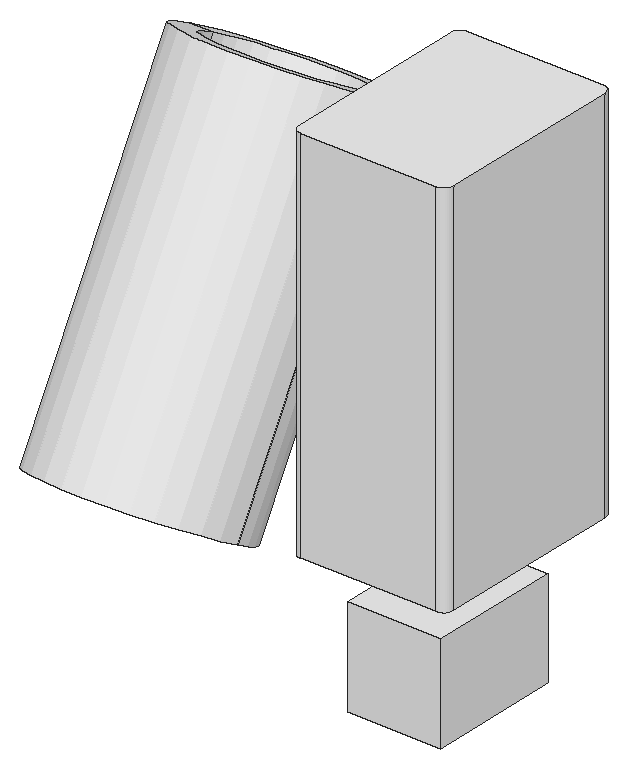
Revit family "AKTMNLED", category Lighting Fixtures, host Face, Revit 2014
Parameters (values of type "AKTMNLED-WH")
  zz Angle1 = if(Tilt Angle < 10.00°, 10.00°, if(Tilt Angle > 160.00°, 160.00°, Tilt Angle))  # 120.00°
  Wattage Comments = "14"
  Voltage = 120 V
  URL = "https://www.hubbell.com/prescolite/en"
  Total Input Wattage = 14 W
  Tilt Angle = 120.00°
  Power Factor = 1
  Load Classification = Lighting
  Lens = Hubbell-Glass
  Product Page URL = "https://www.hubbell.com/prescolite/en/Products/Lighting-Controls/Commercial-Indoor-Lighting/Track-Lighting-Systems/AKTMNLED/p/2057652"
  Product Documentation Link = "https://hubbellcdn.com/specsheet/atrk_050.pdf"
  Photometric Web [instance] = Web : AKTMNLED9L30K8XFL55BL
  Model = "AKTMNLED"  # constant formula
  Manufacturer = "Prescolite"  # constant formula
  Lamp = "LED"  # constant formula
  Fixture Color = Hubbell-Paint-White
  Description = "2 Inch LED Track Head"  # constant formula
  Default Elevation = 48.000"
  Contact us = "https://www.hubbell.com/prescolite/en/contactUs"
  Apparent Load = Total Input Wattage / Power Factor  # 14 VA
Types (2): name | Photometric Web | Fixture Color
  AKTMNLED-BL | Web : AKTMNLED9L30K8SP18BL | Hubbell-Paint-Black
  AKTMNLED-WH | Web : AKTMNLED9L30K8XFL55BL | Hubbell-Paint-White
Reference planes (in)
  plane 1 "Center (Front/Back)": y = 0
  plane 2: z = 0
  plane 3 "Center (Left/Right)": x = 0
  plane 4: z = 4
  plane 5: z = 0.2
  plane 6: z = 5.375
  plane 7: y = 1.0625
  plane 8: y = -1.0625
  plane 9: x = -2.125
  plane 10: x = 1.75
  plane 11: x = 0.24994
  plane 12: x = -0.125
  plane 13: z = 1.5
  plane 14: z = 1
  plane 15: y = 0.3125
  plane 16: y = -0.3125
  plane 17: x = 0.99997
  plane 18: x = 0.74997
  plane 19: x = 1.24997
  plane 20: y = 0.66082
  plane 21: y = -0.69429
  plane 22: x = 1.825
Forms (in)
  Extrusion 1, solid, material "Hubbell-Paint-White" <- "Fixture Color"
    sketch origin (0, 0, 0) x (0, 1, 0) y (0, 0, 1)
      loop
        circle (0, 4) r 0.25
    from -0.25 to 0.25
  Extrusion 2, solid, material "Hubbell-Paint-White" <- "Fixture Color"
    sketch origin (0, 0, 0) x (1, 0, 0) y (0, 1, 0)
      loop
        arc (0.34994, 1.0625) -> (0.27923, 1.03321) -> (0.24994, 0.9625) r 0.1
        line (0.24994, 0.9625) -> (0.24994, -0.9625)
        arc (0.24994, -0.9625) -> (0.27923, -1.03321) -> (0.34994, -1.0625) r 0.1
        line (0.34994, -1.0625) -> (1.725, -1.0625)
        arc (1.725, -1.0625) -> (1.79571, -1.03321) -> (1.825, -0.9625) r 0.1
        line (1.825, -0.9625) -> (1.825, 0.9625)
        arc (1.825, 0.9625) -> (1.79571, 1.03321) -> (1.725, 1.0625) r 0.1
        line (1.725, 1.0625) -> (0.34994, 1.0625)
    from 1.5 to 5.375
  Extrusion 3, solid, material "Hubbell-Paint-White" <- "Fixture Color"
    sketch origin (0, 0, 0) x (1, 0, 0) y (0, 1, 0)
      loop
        line (0.74997, 0.3125) -> (0.74997, -0.3125) -> (1.24997, -0.3125) -> (1.24997, 0.3125) -> (0.74997, 0.3125)
    from 1 to 1.5
  Extrusion 4, solid, material "Hubbell-Paint-White" <- "Fixture Color"
    sketch origin (0, 0, 0) x (1, 0, 0) y (0, 1, 0)
      loop
        line (0.52734, 0.66082) -> (0.52734, -0.69429) -> (1.48164, -0.69429) -> (1.48164, 0.66082) -> (0.52734, 0.66082)
    from 0 to 1
Cuts and joins
  joined: Extrusion 2, Extrusion 3, Extrusion 4
Lines and regions (in)
  reference lines
    curve 1: line (1.75, 0, 0) -> (2.55045, 0, 0)
Dimensions and locks (in)
  locked: plane 5 to plane 2 at 0.2
  locked: plane 4 to plane 2 at 4
  locked: plane 6 to plane 4 at 1.375
  equal spacing: plane 7, plane 1 "Center (Front/Back)", plane 8
  plane 7 to plane 8 = 2.125"
  locked: plane 8 to plane 1 "Center (Front/Back)" at 1.0625
  locked: plane 9 to plane 3 "Center (Left/Right)" at 2.125
  locked: plane 9 to plane 10 at 3.875
  locked: plane 11 to plane 10 at 1.50006
  locked: plane 9 to plane 12 at 2
  locked: plane 14 to plane 2 at 1
  locked: plane 7 to plane 15 at 0.75
  locked: plane 16 to plane 1 "Center (Front/Back)" at 0.3125
  equal spacing: plane 11, plane 17, plane 10, locked at 0.75003 each
  plane 18 to plane 17 to plane 19 = 0.250" locked, 0.250" locked
  plane 20 to plane 1 "Center (Front/Back)" to plane 21 = 0.66082" locked, 0.69429" locked
  locked: plane 10 to plane 22 at 0.075
  locked: plane 13 to plane 2 at 1.5
  "zz Angle1": angle plane 1 "Center (Front/Back)" to nested 1
  aligned and locked: plane 2 to host face
  aligned and locked: level to host face
  aligned and locked: plane 4 to nested 1
  aligned and locked: plane 1 "Center (Front/Back)" to nested 1
  aligned and locked: Extrusion 2 sketch curve to plane 7
  aligned and locked: Extrusion 2 sketch curve to plane 11
  aligned and locked: plane 8 to Extrusion 2 sketch curve
  aligned and locked: plane 6 to Extrusion 2
  aligned and locked: Extrusion 2 to plane 13
  aligned and locked: Extrusion 3 sketch curve to plane 15
  aligned and locked: Extrusion 3 sketch curve to plane 18
  aligned and locked: Extrusion 3 sketch curve to plane 16
  aligned and locked: plane 19 to Extrusion 3 sketch curve
  aligned and locked: Extrusion 3 to plane 14
  aligned and locked: Extrusion 3 to Extrusion 2
  aligned and locked: Extrusion 4 sketch curve to plane 20
  aligned and locked: plane 21 to Extrusion 4 sketch curve
  aligned and locked: Extrusion 4 to plane 2
  aligned and locked: plane 14 to Extrusion 4
  aligned and locked: nested 2 to nested 1
  aligned and locked: plane 22 to Extrusion 2 sketch curve
Automatic sketch dimensions
  host sketch curve to host sketch curve = 96.000"  (x2)
  plane 1 "Center (Front/Back)" to curve 1 = 0.000"
  plane 3 "Center (Left/Right)" to curve 1 = 1.750"
  curve 1 to curve 1 = 0.80045"
  Extrusion 1 sketch curve to Extrusion 1 sketch curve = 0.000"  (x2)
  Extrusion 1 sketch curve to plane 4 = 0.000"
  Extrusion 1 sketch curve to plane 1 "Center (Front/Back)" = 0.000"
  plane 1 "Center (Front/Back)" to Extrusion 1 sketch curve = 0.250"
  plane 18 to Extrusion 4 sketch curve = 0.22263"
  Extrusion 4 sketch curve to plane 19 = 0.23167"
  Extrusion 2 sketch curve to plane 11 = 0.100"  (x2)
  plane 10 to Extrusion 2 sketch curve = 0.025"  (x2)
Nested families (in)
  nested 1: "AKTMNLED Model" at (-0.00006, 0, 4) x (0, 0.866, -0.5) z (1, 0, 0), type "AKTMNLED Model"
  nested 2: "Web" at (-1.07557, 0.21805, 4.8556) x (0, -0.866, 0.5) z (0, 0.5, 0.866), type <- "Photometric Web", type "AKTMNLED9L30K8XFL55BL"
Connectors (in)
  electrical at (1.00449, -0.01673, 0), driven by "Voltage", driven by "Apparent Load", driven by "Load Classification", driven by "Power Factor"
    settings: on cut or joined group of Extrusion 2, Extrusion 3, Extrusion 4, index 1, voltage 120 V, apparent load 14 VA, apparent load phase1 0 VA, apparent load phase2 0 VA, apparent load phase3 0 VA, power factor 1, load classification "Lighting", number of poles 1, system type 30, power factor state 1, is connector primary yes, connector utility no, sub classification motor no, connector description "Lighting Connector"
Definition of nested family "AKTMNLED Model"
  Parameters (values of type "AKTMNLED Model")
    URL = ""
    Product Page URL = ""
    Product Documentation Link = ""
    Manufacturer Phone = ""
    Manufacturer Fax = ""
    Manufacturer = ""
    Lens = Hubbell-Glass
    Finish = Hubbell-Paint-White
  Reference planes (in)
    plane 1 "Center (Front/Back)": y = 0
    plane 2: z = 0
    plane 3 "Center (Left/Right)": x = 0
    plane 4: z = 0.25
    plane 5: z = -0.25
    plane 6: z = 0
    plane 7: through (0, 0, 48) normal (0.8192, 0.5736, 0)
    plane 8: y = 0
    plane 9: x = -1
    plane 10: z = -1.05
  Forms (in)
    Extrusion 1, solid, material "Hubbell-Paint-White" <- "Finish"
      sketch origin (0, 0, 0) x (1, 0, 0) y (0, 1, 0)
        loop
          circle (0, 0) r 0.25
      from -0.25 to 0.25
    Revolve 2, solid, material "Hubbell-Paint-White" <- "Finish"
      sketch origin (0, 0, 0) x (0, 1, 0) y (0, 0, -1)
        loop
          line (1, 2.05) -> (-2.75, 2.05) -> (-2.75, 1.05) -> (0, 1.05) -> (0, 1.8) -> (1, 1.8) -> (1, 2.05)
        axis (1, 1.05) -> (-2.75, 1.05)
      angle from 0 to 360
    Revolve 3, solid, material "Hubbell-Glass" <- "Lens"
      sketch origin (0, 0, 0) x (0, 1, 0) y (0, 0, 1)
        loop
          line (0.75, -0.3) -> (0.75, -1.05) -> (0.85, -1.05) -> (0.85, -0.3) -> (0.75, -0.3)
        axis (0.85, -1.05) -> (0.75, -1.05)
      angle from 0 to 360
  Cuts and joins
    joined: Extrusion 1, Revolve 2
  Lines and regions (in)
    reference lines
      curve 1: line (0, 0, 0) -> (0.87865, 0, 0)
      curve 2: line (0, 0, 0) -> (0, 0.29239, 0)
      curve 3: line (0, 1, -1.05) -> (0, -3.38266, -1.05)
    model lines
      curve 4: line (-1, -2.75, -1.05) -> (-1, -1.19133, -1.05)
      curve 5: line (-0.99211, -2.75, -0.92467) -> (-0.99211, -1.19133, -0.92467)
      curve 6: line (-0.96858, -2.75, -0.80131) -> (-0.96858, -1.19133, -0.80131)
      curve 7: line (-0.92978, -2.75, -0.68188) -> (-0.92978, -1.19133, -0.68188)
      curve 8: line (-0.87631, -2.75, -0.56825) -> (-0.87631, -1.19133, -0.56825)
      curve 9: line (-0.80902, -2.75, -0.46221) -> (-0.80902, -1.19133, -0.46221)
      curve 10: line (-0.72897, -2.75, -0.36545) -> (-0.72897, -1.19133, -0.36545)
      curve 11: line (-0.63742, -2.75, -0.27949) -> (-0.63742, -1.19133, -0.27949)
      curve 12: line (-0.53583, -2.75, -0.20567) -> (-0.53583, -1.19133, -0.20567)
      curve 13: line (-0.42578, -2.75, -0.14517) -> (-0.42578, -1.19133, -0.14517)
      curve 14: line (-0.30902, -2.75, -0.09894) -> (-0.30902, -1.19133, -0.09894)
      curve 15: line (-0.18738, -2.75, -0.06771) -> (-0.18738, -1.19133, -0.06771)
      curve 16: line (-0.06279, -2.75, -0.05197) -> (-0.06279, -1.19133, -0.05197)
      curve 17: line (0.06279, -2.75, -0.05197) -> (0.06279, -1.19133, -0.05197)
      curve 18: line (0.18738, -2.75, -0.06771) -> (0.18738, -1.19133, -0.06771)
      curve 19: line (0.30902, -2.75, -0.09894) -> (0.30902, -1.19133, -0.09894)
      curve 20: line (0.42578, -2.75, -0.14517) -> (0.42578, -1.19133, -0.14517)
      curve 21: line (0.53583, -2.75, -0.20567) -> (0.53583, -1.19133, -0.20567)
      curve 22: line (0.63742, -2.75, -0.27949) -> (0.63742, -1.19133, -0.27949)
      curve 23: line (0.72897, -2.75, -0.36545) -> (0.72897, -1.19133, -0.36545)
      curve 24: line (0.80902, -2.75, -0.46221) -> (0.80902, -1.19133, -0.46221)
      curve 25: line (0.87631, -2.75, -0.56825) -> (0.87631, -1.19133, -0.56825)
      curve 26: line (0.92978, -2.75, -0.68188) -> (0.92978, -1.19133, -0.68188)
      curve 27: line (0.96858, -2.75, -0.80131) -> (0.96858, -1.19133, -0.80131)
      curve 28: line (0.99211, -2.75, -0.92467) -> (0.99211, -1.19133, -0.92467)
      curve 29: line (1, -2.75, -1.05) -> (1, -1.19133, -1.05)
      curve 30: line (0.99211, -2.75, -1.17533) -> (0.99211, -1.19133, -1.17533)
      curve 31: line (0.96858, -2.75, -1.29869) -> (0.96858, -1.19133, -1.29869)
      curve 32: line (0.92978, -2.75, -1.41812) -> (0.92978, -1.19133, -1.41812)
      curve 33: line (0.87631, -2.75, -1.53175) -> (0.87631, -1.19133, -1.53175)
      curve 34: line (0.80902, -2.75, -1.63779) -> (0.80902, -1.19133, -1.63779)
      curve 35: line (0.72897, -2.75, -1.73455) -> (0.72897, -1.19133, -1.73455)
      curve 36: line (0.63742, -2.75, -1.82051) -> (0.63742, -1.19133, -1.82051)
      curve 37: line (0.53583, -2.75, -1.89433) -> (0.53583, -1.19133, -1.89433)
      curve 38: line (0.42578, -2.75, -1.95483) -> (0.42578, -1.19133, -1.95483)
      curve 39: line (0.30902, -2.75, -2.00106) -> (0.30902, -1.19133, -2.00106)
      curve 40: line (0.18738, -2.75, -2.03229) -> (0.18738, -1.19133, -2.03229)
      curve 41: line (0.06279, -2.75, -2.04803) -> (0.06279, -1.19133, -2.04803)
      curve 42: line (-0.06279, -2.75, -2.04803) -> (-0.06279, -1.19133, -2.04803)
      curve 43: line (-0.18738, -2.75, -2.03229) -> (-0.18738, -1.19133, -2.03229)
      curve 44: line (-0.30902, -2.75, -2.00106) -> (-0.30902, -1.19133, -2.00106)
      curve 45: line (-0.42578, -2.75, -1.95483) -> (-0.42578, -1.19133, -1.95483)
      curve 46: line (-0.53583, -2.75, -1.89433) -> (-0.53583, -1.19133, -1.89433)
      curve 47: line (-0.63742, -2.75, -1.82051) -> (-0.63742, -1.19133, -1.82051)
      curve 48: line (-0.72897, -2.75, -1.73455) -> (-0.72897, -1.19133, -1.73455)
      curve 49: line (-0.80902, -2.75, -1.63779) -> (-0.80902, -1.19133, -1.63779)
      curve 50: line (-0.87631, -2.75, -1.53175) -> (-0.87631, -1.19133, -1.53175)
      curve 51: line (-0.92978, -2.75, -1.41812) -> (-0.92978, -1.19133, -1.41812)
      curve 52: line (-0.96858, -2.75, -1.29869) -> (-0.96858, -1.19133, -1.29869)
      curve 53: line (-0.99211, -2.75, -1.17533) -> (-0.99211, -1.19133, -1.17533)
  Dimensions and locks (in)
    locked: Revolve 2 sketch curve to plane 5 at 1.8
    Revolve 2 sketch curve to Revolve 2 sketch curve = 0.250"
    aligned and locked: plane 5 to Extrusion 1
    aligned and locked: plane 4 to Extrusion 1
Definition of nested family "Web"
  Parameters (values of type "AKTMNLED9L30K8XFL55BL")
    Wattage Comments = ""
    Wattage = 14.2 W
    built-in parameter 1150110 = 1 (stored number, unit not read)
    URL = ""
    built-in parameter 1114217 = 1 (stored number, unit not read)
    Tilt Angle = 90.00°
    built-in parameter 1150109 = 1 (stored number, unit not read)
    built-in parameter 1150134 = (empty or 0)
    built-in parameter 1150113 = 1 (stored number, unit not read)
    Product Page URL = ""
    Product Documentation Link = ""
    Photometric Web File = "AKTMNLED9L30K8XFL55BL.IES"
    Model = ""
    Manufacturer Phone = ""
    Manufacturer Fax = ""
    Manufacturer = ""
    built-in parameter 1150105 = 73.902 (stored number, unit not read)
    Lumens = 928.68 lm
    built-in parameter 1150115 = 1 (stored number, unit not read)
    built-in parameter 1150137 = (empty or 0)
    built-in parameter 1150139 = (empty or 0)
    built-in parameter 1150112 = 1 (stored number, unit not read)
    built-in parameter 1150114 = 1 (stored number, unit not read)
    Lamp = ""
    built-in parameter 1150132 = (empty or 0)
    built-in parameter 1150102 = (empty or 0)
    built-in parameter 1150107 = 3000 (stored number, unit not read)
    built-in parameter 1150138 = (empty or 0)
    built-in parameter 1150106 = 0.73902 (stored number, unit not read)
    Emit from Circle Diameter = 1.500"  # constant formula
    Emit Shape Visible in Rendering = no
    built-in parameter 1150104 = 6.0759 (stored number, unit not read)
    Dimming Lamp Color Temperature Shift = (empty or 0)
    Description = ""
    Default Elevation = 48.000"
    Color Filter = 16777215
    built-in parameter 1114218 = 1 (stored number, unit not read)
    built-in parameter 1150133 = 10 (stored number, unit not read)
    Apparent Load = 0 VA
  Types (3): name | Photometric Web File | built-in parameter 1150105 | Lumens | built-in parameter 1150106 | built-in parameter 1150104 | Apparent Load
    AKTMNLED9L30K8FL35BL | "AKTMNLED9L30K8FL35BL.IES" | 69.043 (stored number, unit not read) | 867.62 lm | 0.69043 (stored number, unit not read) | 5.6764 (stored number, unit not read) | 5.4 VA
    AKTMNLED9L30K8SP18BL | "AKTMNLED9L30K8SP18BL.IES" | 74.354 (stored number, unit not read) | 934.36 lm | 0.74354 (stored number, unit not read) | 6.113 (stored number, unit not read) | 5.4 VA
    AKTMNLED9L30K8XFL55BL | "AKTMNLED9L30K8XFL55BL.IES" | 73.902 (stored number, unit not read) | 928.68 lm | 0.73902 (stored number, unit not read) | 6.0759 (stored number, unit not read) | 0 VA
  Reference planes (in)
    plane 1 "Center (Front/Back)": y = 0.03999
    plane 2: z = 0
    plane 3 "Center (Left/Right)": x = -0.23896
  Forms (in)
    Extrusion 1, solid
      sketch origin (0, 0, 0.06357) x (1, 0, 0) y (0, 1, 0)
        loop
          line (-48, 48) -> (-48, -48) -> (48, -48) -> (48, 48) -> (-48, 48)
      from -0.06357 to -17.74365
  Lines and regions (in)
    reference lines
      curve 1: line (-0.23896, 0.03999, 18.11448) -> (-0.23896, 0.03999, -22.88552)
      curve 2: line (-0.23896, 0.03999, 34) -> (-0.23896, 0.03999, -22.88552)
  Dimensions and locks (in)
    aligned and locked: plane 2 to Extrusion 1
    aligned and locked: level to Extrusion 1
    aligned and locked: curve 1 to plane 3 "Center (Left/Right)"
    aligned and locked: plane 1 "Center (Front/Back)" to curve 2
    aligned and locked: imposter light to plane 1 "Center (Front/Back)"
